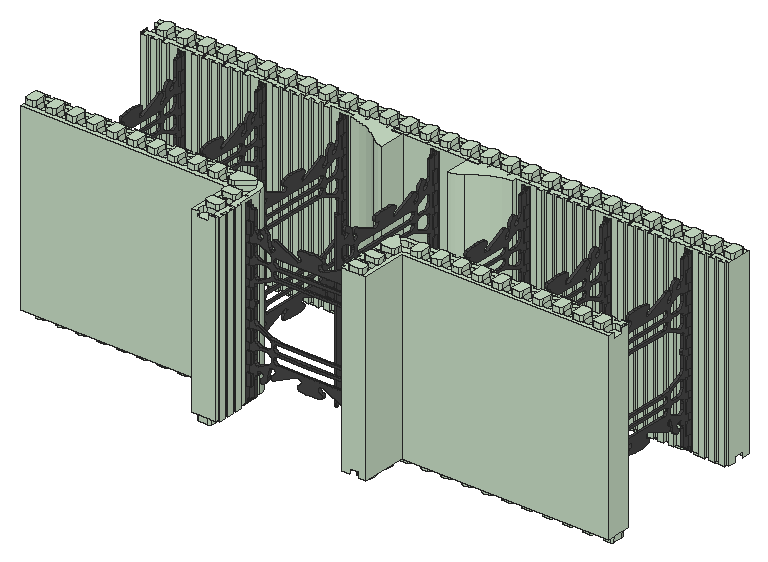
Revit family
Reference planes (in)
  plane 1 "Center (Front/Back)": y = -3
  plane 2: z = 0
  plane 3 "Center (Left/Right)": x = 3
  plane 4: y = 3
  plane 5: y = -9
  plane 6: x = 9
  plane 7: x = -3
  plane 8: z = 18
Forms (in)
  Extrusion 1, solid, material "NUDURA Expanded Polystyrene Foam Insulation"
    sketch origin (0, 0, 0) x (1, 0, 0) y (0, 1, 0)
      loop
        arc (-3.25, -10.49998) -> (-3.61612, -9.6161) -> (-4.5, -9.24998) r 1.25
        line (-4.5, -9.24998) -> (-7.28117, -9.24998) -> (-7.21883, -8.99998) -> (-7.78117, -8.99998) -> (-7.71883, -9.24998) -> (-8.28117, -9.24998) -> (-8.21883, -8.99998) -> (-8.78117, -8.99998) -> (-8.71883, -9.24998) -> (-9.28117, -9.24998) -> (-9.21883, -8.99998) -> (-9.78117, -8.99998) -> (-9.71883, -9.24998) -> (-10.28117, -9.24998) -> (-10.21883, -8.99998) -> (-10.78117, -8.99998) -> (-10.71883, -9.24998) -> (-11.2818, -9.24998) -> (-11.21947, -8.99998) -> (-11.7818, -8.99998) -> (-11.71947, -9.24998) -> (-12.2818, -9.24998) -> (-12.21947, -8.99998) -> (-12.7818, -8.99998) -> (-12.71947, -9.24998) -> (-15.28116, -9.24998) -> (-15.21883, -8.99998) -> (-15.78116, -8.99998) -> (-15.71883, -9.24998) -> (-16.28116, -9.24998) -> (-16.21883, -8.99998) -> (-16.78116, -8.99998) -> (-16.71883, -9.24998) -> (-17.28116, -9.24998) -> (-17.21883, -8.99998) -> (-17.78116, -8.99998) -> (-17.71883, -9.24998) -> (-18.28179, -9.24998) -> (-18.21946, -8.99998) -> (-18.78179, -8.99998) -> (-18.71946, -9.24998) -> (-19.28179, -9.24998) -> (-19.21946, -8.99998) -> (-19.78179, -8.99998) -> (-19.71946, -9.24998) -> (-20.28179, -9.24998) -> (-20.21946, -8.99998) -> (-20.78179, -8.99998) -> (-20.71946, -9.24998) -> (-23.28115, -9.24998) -> (-23.21882, -8.99998) -> (-23.78115, -8.99998) -> (-23.71882, -9.24998) -> (-24.28115, -9.24998) -> (-24.21882, -8.99998) -> (-24.78115, -8.99998) -> (-24.71882, -9.24998) -> (-25.28115, -9.24998) -> (-25.21882, -8.99998) -> (-25.78115, -8.99998) -> (-25.71882, -9.24998) -> (-26, -9.24998) -> (-26, -11.62244) -> (-5.625, -11.62244) -> (-5.625, -15.99744) -> (-3.25, -15.99744) -> (-3.25, -15.71882) -> (-3, -15.78115) -> (-3, -15.21882) -> (-3.25, -15.28115) -> (-3.25, -14.71882) -> (-3, -14.78115) -> (-3, -14.21882) -> (-3.25, -14.28115) -> (-3.25, -13.71882) -> (-3, -13.78115) -> (-3, -13.21882) -> (-3.25, -13.28115) -> (-3.25, -10.49998)
      loop
        line (11, 2.875) -> (11, 3.25) -> (13.28117, 3.25) -> (13.21883, 3) -> (13.78117, 3) -> (13.71883, 3.25) -> (14.28117, 3.25) -> (14.21883, 3) -> (14.78117, 3) -> (14.71883, 3.25) -> (15.28117, 3.25) -> (15.21883, 3) -> (15.78117, 3) -> (15.71883, 3.25) -> (16.28053, 3.25) -> (16.2182, 3) -> (16.78053, 3) -> (16.7182, 3.25) -> (17.28053, 3.25) -> (17.2182, 3) -> (17.78053, 3) -> (17.7182, 3.25) -> (18.28053, 3.25) -> (18.2182, 3) -> (18.78053, 3) -> (18.7182, 3.25) -> (21.28116, 3.25) -> (21.21883, 3) -> (21.78116, 3) -> (21.71883, 3.25) -> (22.28116, 3.25) -> (22.21883, 3) -> (22.78116, 3) -> (22.71883, 3.25) -> (23.28116, 3.25) -> (23.21883, 3) -> (23.78116, 3) -> (23.71883, 3.25) -> (24.28053, 3.25) -> (24.21819, 3) -> (24.78053, 3) -> (24.71819, 3.25) -> (25.28053, 3.25) -> (25.21819, 3) -> (25.78053, 3) -> (25.71819, 3.25) -> (26.28053, 3.25) -> (26.21819, 3) -> (26.78053, 3) -> (26.71819, 3.25) -> (29.28115, 3.25) -> (29.21882, 3) -> (29.78115, 3) -> (29.71882, 3.25) -> (30.28115, 3.25) -> (30.21882, 3) -> (30.78115, 3) -> (30.71882, 3.25) -> (31.28115, 3.25) -> (31.21882, 3) -> (31.78115, 3) -> (31.71882, 3.25) -> (32, 3.25) -> (32, 5.62754) -> (7.25, 5.62754) -> (7.25, 5.17633) -> (7, 5.24332) -> (7, 4.63633) -> (7.25, 4.69867) -> (7.25, 4.17633) -> (7, 4.24332) -> (7, 3.63633) -> (7.25, 3.69867) -> (7.25, 3.25) -> (6.21883, 3.25) -> (6.21883, 0.75162)
        arc (6.21883, 0.75162) -> (6.91296, 0.90605) -> (7.50918, 1.29358) r 2
        arc (7.50918, 1.29358) -> (9.12304, 2.37468) -> (11, 2.875) r 5.91797
      loop
        line (-0.21883, 0.75162) -> (-0.21883, 3.25) -> (-1.25, 3.25) -> (-1.25, 3.69867) -> (-1, 3.63633) -> (-1, 4.24332) -> (-1.25, 4.17633) -> (-1.25, 4.69867) -> (-1, 4.63633) -> (-1, 5.24332) -> (-1.25, 5.17633) -> (-1.25, 5.62754) -> (-26, 5.62754) -> (-26, 3.25) -> (-25.71882, 3.25) -> (-25.78115, 3) -> (-25.21882, 3) -> (-25.28115, 3.25) -> (-24.71882, 3.25) -> (-24.78115, 3) -> (-24.21882, 3) -> (-24.28115, 3.25) -> (-23.71882, 3.25) -> (-23.78115, 3) -> (-23.21882, 3) -> (-23.28115, 3.25) -> (-20.71819, 3.25) -> (-20.78053, 3) -> (-20.21819, 3) -> (-20.28053, 3.25) -> (-19.71819, 3.25) -> (-19.78053, 3) -> (-19.21819, 3) -> (-19.28053, 3.25) -> (-18.71819, 3.25) -> (-18.78053, 3) -> (-18.21819, 3) -> (-18.28053, 3.25) -> (-17.71883, 3.25) -> (-17.78116, 3) -> (-17.21883, 3) -> (-17.28116, 3.25) -> (-16.71883, 3.25) -> (-16.78116, 3) -> (-16.21883, 3) -> (-16.28116, 3.25) -> (-15.71883, 3.25) -> (-15.78116, 3) -> (-15.21883, 3) -> (-15.28116, 3.25) -> (-12.7182, 3.25) -> (-12.78053, 3) -> (-12.2182, 3) -> (-12.28053, 3.25) -> (-11.7182, 3.25) -> (-11.78053, 3) -> (-11.2182, 3) -> (-11.28053, 3.25) -> (-10.7182, 3.25) -> (-10.78053, 3) -> (-10.2182, 3) -> (-10.28053, 3.25) -> (-9.71883, 3.25) -> (-9.78117, 3) -> (-9.21883, 3) -> (-9.28117, 3.25) -> (-8.71883, 3.25) -> (-8.78117, 3) -> (-8.21883, 3) -> (-8.28117, 3.25) -> (-7.71883, 3.25) -> (-7.78117, 3) -> (-7.21883, 3) -> (-7.28117, 3.25) -> (-5, 3.25) -> (-5, 2.875)
        arc (-5, 2.875) -> (-3.12304, 2.37468) -> (-1.50918, 1.29358) r 5.91797
        arc (-1.50918, 1.29358) -> (-0.91296, 0.90605) -> (-0.21883, 0.75162) r 2
      loop
        line (9.25, -10.49998) -> (9.25, -13.28115) -> (9, -13.21882) -> (9, -13.78115) -> (9.25, -13.71882) -> (9.25, -14.28115) -> (9, -14.21882) -> (9, -14.78115) -> (9.25, -14.71882) -> (9.25, -15.28115) -> (9, -15.21882) -> (9, -15.78115) -> (9.25, -15.71882) -> (9.25, -15.99998) -> (11.625, -15.99998) -> (11.625, -11.62244) -> (32, -11.62244) -> (32, -9.24998) -> (31.71882, -9.24998) -> (31.78115, -8.99998) -> (31.21882, -8.99998) -> (31.28115, -9.24998) -> (30.71882, -9.24998) -> (30.78115, -8.99998) -> (30.21882, -8.99998) -> (30.28115, -9.24998) -> (29.71882, -9.24998) -> (29.78115, -8.99998) -> (29.21882, -8.99998) -> (29.28115, -9.24998) -> (26.71946, -9.24998) -> (26.78179, -8.99998) -> (26.21946, -8.99998) -> (26.28179, -9.24998) -> (25.71946, -9.24998) -> (25.78179, -8.99998) -> (25.21946, -8.99998) -> (25.28179, -9.24998) -> (24.71946, -9.24998) -> (24.78179, -8.99998) -> (24.21946, -8.99998) -> (24.28179, -9.24998) -> (23.71883, -9.24998) -> (23.78116, -8.99998) -> (23.21883, -8.99998) -> (23.28116, -9.24998) -> (22.71883, -9.24998) -> (22.78116, -8.99998) -> (22.21883, -8.99998) -> (22.28116, -9.24998) -> (21.71883, -9.24998) -> (21.78116, -8.99998) -> (21.21883, -8.99998) -> (21.28116, -9.24998) -> (18.71947, -9.24998) -> (18.7818, -8.99998) -> (18.21947, -8.99998) -> (18.2818, -9.24998) -> (17.71947, -9.24998) -> (17.7818, -8.99998) -> (17.21947, -8.99998) -> (17.2818, -9.24998) -> (16.71947, -9.24998) -> (16.7818, -8.99998) -> (16.21947, -8.99998) -> (16.2818, -9.24998) -> (15.71883, -9.24998) -> (15.78117, -8.99998) -> (15.21883, -8.99998) -> (15.28117, -9.24998) -> (14.71883, -9.24998) -> (14.78117, -8.99998) -> (14.21883, -8.99998) -> (14.28117, -9.24998) -> (13.71883, -9.24998) -> (13.78117, -8.99998) -> (13.21883, -8.99998) -> (13.28117, -9.24998) -> (10.5, -9.24998)
        arc (10.5, -9.24998) -> (9.61612, -9.6161) -> (9.25, -10.49998) r 1.25
    from 0 to 18
  Extrusion 2, void
    sketch origin (0, 10, 0) x (1, 0, 0) y (0, 1, 0)
      loop
        arc (-5.13595, -25.17306) -> (-5.1875, -25.49998) -> (-5.13595, -25.8269) r 1.0625
        arc (-5.13595, -25.8269) -> (-5.0592, -25.94114) -> (-4.93362, -25.99744) r 0.25
        line (-4.93362, -25.99744) -> (-3.94138, -25.99744)
        arc (-3.94138, -25.99744) -> (-3.86932, -25.97564) -> (-3.80702, -25.93338) r 0.25
        arc (-3.80702, -25.93338) -> (-3.78736, -25.92104) -> (-3.76455, -25.91673) r 0.0625
        line (-3.76455, -25.91673) -> (-3.41845, -25.91673) -> (-3.41845, -25.7459) -> (-3.64005, -25.7459)
        arc (-3.64005, -25.7459) -> (-3.68771, -25.72383) -> (-3.70172, -25.67321) r 0.0625
        arc (-3.70172, -25.67321) -> (-3.69045, -25.4209) -> (-3.73905, -25.17306) r 1.0625
        arc (-3.73905, -25.17306) -> (-3.82983, -25.04783) -> (-3.97692, -24.99998) r 0.25
        line (-3.97692, -24.99998) -> (-4.89808, -24.99998)
        arc (-4.89808, -24.99998) -> (-5.04517, -25.04783) -> (-5.13595, -25.17306) r 0.25
    from 18 to 17.5
  Extrusion 3, void
    sketch origin (0, 12, 0) x (1, 0, 0) y (0, 1, 0)
      loop
        arc (-5.13595, -25.17306) -> (-5.1875, -25.49998) -> (-5.13595, -25.8269) r 1.0625
        arc (-5.13595, -25.8269) -> (-5.04517, -25.95213) -> (-4.89808, -25.99998) r 0.25
        line (-4.89808, -25.99998) -> (-3.97692, -25.99998)
        arc (-3.97692, -25.99998) -> (-3.88568, -25.98274) -> (-3.80702, -25.93338) r 0.25
        arc (-3.80702, -25.93338) -> (-3.78736, -25.92104) -> (-3.76455, -25.91673) r 0.0625
        line (-3.76455, -25.91673) -> (-3.41845, -25.91673) -> (-3.41845, -25.7459) -> (-3.64005, -25.7459)
        arc (-3.64005, -25.7459) -> (-3.68771, -25.72383) -> (-3.70172, -25.67321) r 0.0625
        arc (-3.70172, -25.67321) -> (-3.69045, -25.4209) -> (-3.73905, -25.17306) r 1.0625
        arc (-3.73905, -25.17306) -> (-3.82983, -25.04783) -> (-3.97692, -24.99998) r 0.25
        line (-3.97692, -24.99998) -> (-4.89808, -24.99998)
        arc (-4.89808, -24.99998) -> (-5.04517, -25.04783) -> (-5.13595, -25.17306) r 0.25
    from 18 to 17.5
  Extrusion 4, void
    sketch origin (0, -6, 0) x (1, 0, 0) y (0, 1, 0)
      loop
        line (-5.1875, -5.18748) -> (-5.1875, -5.49998)
        arc (-5.1875, -5.49998) -> (-5.17453, -5.66546) -> (-5.13595, -5.8269) r 1.0625
        arc (-5.13595, -5.8269) -> (-5.04517, -5.95213) -> (-4.89808, -5.99998) r 0.25
        line (-4.89808, -5.99998) -> (-3.97692, -5.99998)
        arc (-3.97692, -5.99998) -> (-3.88568, -5.98274) -> (-3.80702, -5.93338) r 0.25
        arc (-3.80702, -5.93338) -> (-3.78736, -5.92104) -> (-3.76455, -5.91673) r 0.0625
        line (-3.76455, -5.91673) -> (-3.41845, -5.91673) -> (-3.41845, -5.7459) -> (-3.64005, -5.7459)
        arc (-3.64005, -5.7459) -> (-3.68771, -5.72383) -> (-3.70172, -5.67321) r 0.0625
        arc (-3.70172, -5.67321) -> (-3.69106, -5.58689) -> (-3.6875, -5.49998) r 1.0625
        line (-3.6875, -5.49998) -> (-3.6875, -4.68748)
        arc (-3.6875, -4.68748) -> (-3.76362, -4.3048) -> (-3.98039, -3.98037) r 1
        line (-3.98039, -3.98037) -> (-5.1875, -5.18748)
    from 18 to 17.5
  Extrusion 5, void
    sketch origin (-31.99998, -5.99998, 0) x (0, 1, 0) y (-1, 0, 0)
      loop
        arc (-5.13595, -25.17306) -> (-5.1875, -25.49998) -> (-5.13595, -25.8269) r 1.0625
        arc (-5.13595, -25.8269) -> (-5.04517, -25.95213) -> (-4.89808, -25.99998) r 0.25
        line (-4.89808, -25.99998) -> (-3.97692, -25.99998)
        arc (-3.97692, -25.99998) -> (-3.88568, -25.98274) -> (-3.80702, -25.93338) r 0.25
        arc (-3.80702, -25.93338) -> (-3.78736, -25.92104) -> (-3.76455, -25.91673) r 0.0625
        line (-3.76455, -25.91673) -> (-3.41845, -25.91673) -> (-3.41845, -25.7459) -> (-3.64005, -25.7459)
        arc (-3.64005, -25.7459) -> (-3.68771, -25.72383) -> (-3.70172, -25.67321) r 0.0625
        arc (-3.70172, -25.67321) -> (-3.69045, -25.4209) -> (-3.73905, -25.17306) r 1.0625
        arc (-3.73905, -25.17306) -> (-3.82983, -25.04783) -> (-3.97692, -24.99998) r 0.25
        line (-3.97692, -24.99998) -> (-4.89808, -24.99998)
        arc (-4.89808, -24.99998) -> (-5.04517, -25.04783) -> (-5.13595, -25.17306) r 0.25
    from 18 to 17.5
  Extrusion 6, void
    sketch origin (-33.99998, -5.99998, 0) x (0, 1, 0) y (-1, 0, 0)
      loop
        arc (-5.13595, -25.17306) -> (-5.1875, -25.49998) -> (-5.13595, -25.8269) r 1.0625
        arc (-5.13595, -25.8269) -> (-5.04517, -25.95213) -> (-4.89808, -25.99998) r 0.25
        line (-4.89808, -25.99998) -> (-3.97692, -25.99998)
        arc (-3.97692, -25.99998) -> (-3.88568, -25.98274) -> (-3.80702, -25.93338) r 0.25
        arc (-3.80702, -25.93338) -> (-3.78736, -25.92104) -> (-3.76455, -25.91673) r 0.0625
        line (-3.76455, -25.91673) -> (-3.41845, -25.91673) -> (-3.41845, -25.7459) -> (-3.64005, -25.7459)
        arc (-3.64005, -25.7459) -> (-3.68771, -25.72383) -> (-3.70172, -25.67321) r 0.0625
        arc (-3.70172, -25.67321) -> (-3.69045, -25.4209) -> (-3.73905, -25.17306) r 1.0625
        arc (-3.73905, -25.17306) -> (-3.82983, -25.04783) -> (-3.97692, -24.99998) r 0.25
        line (-3.97692, -24.99998) -> (-4.89808, -24.99998)
        arc (-4.89808, -24.99998) -> (-5.04517, -25.04783) -> (-5.13595, -25.17306) r 0.25
    from 18 to 17.5
  Extrusion 7, void
    sketch origin (0, -39.99996, 0) x (1, 0, 0) y (0, 1, 0)
      loop
        arc (-5.13595, 25.17306) -> (-5.04517, 25.04783) -> (-4.89808, 24.99998) r 0.25
        line (-4.89808, 24.99998) -> (-3.97692, 24.99998)
        arc (-3.97692, 24.99998) -> (-3.82983, 25.04783) -> (-3.73905, 25.17306) r 0.25
        arc (-3.73905, 25.17306) -> (-3.69045, 25.4209) -> (-3.70172, 25.67321) r 1.0625
        arc (-3.70172, 25.67321) -> (-3.68771, 25.72383) -> (-3.64005, 25.7459) r 0.0625
        line (-3.64005, 25.7459) -> (-3.41845, 25.7459) -> (-3.41845, 25.91673) -> (-3.76455, 25.91673)
        arc (-3.76455, 25.91673) -> (-3.78736, 25.92104) -> (-3.80702, 25.93338) r 0.0625
        arc (-3.80702, 25.93338) -> (-3.88568, 25.98274) -> (-3.97692, 25.99998) r 0.25
        line (-3.97692, 25.99998) -> (-4.89808, 25.99998)
        arc (-4.89808, 25.99998) -> (-5.04517, 25.95213) -> (-5.13595, 25.8269) r 0.25
        arc (-5.13595, 25.8269) -> (-5.1875, 25.49998) -> (-5.13595, 25.17306) r 1.0625
    from 0 to 0.5
  Extrusion 8, void
    sketch origin (0, -37.99996, 0) x (1, 0, 0) y (0, 1, 0)
      loop
        arc (-5.13595, 25.17306) -> (-5.04517, 25.04783) -> (-4.89808, 24.99998) r 0.25
        line (-4.89808, 24.99998) -> (-3.97692, 24.99998)
        arc (-3.97692, 24.99998) -> (-3.82983, 25.04783) -> (-3.73905, 25.17306) r 0.25
        arc (-3.73905, 25.17306) -> (-3.69045, 25.4209) -> (-3.70172, 25.67321) r 1.0625
        arc (-3.70172, 25.67321) -> (-3.68771, 25.72383) -> (-3.64005, 25.7459) r 0.0625
        line (-3.64005, 25.7459) -> (-3.41845, 25.7459) -> (-3.41845, 25.91673) -> (-3.76455, 25.91673)
        arc (-3.76455, 25.91673) -> (-3.78736, 25.92104) -> (-3.80702, 25.93338) r 0.0625
        arc (-3.80702, 25.93338) -> (-3.88568, 25.98274) -> (-3.97692, 25.99998) r 0.25
        line (-3.97692, 25.99998) -> (-4.89808, 25.99998)
        arc (-4.89808, 25.99998) -> (-5.04517, 25.95213) -> (-5.13595, 25.8269) r 0.25
        arc (-5.13595, 25.8269) -> (-5.1875, 25.49998) -> (-5.13595, 25.17306) r 1.0625
    from 0 to 0.5
  Extrusion 9, void
    sketch origin (-0.00002, -5.99998, 0) x (0, 1, 0) y (-1, 0, 0)
      loop
        line (-5.1875, 5.18748) -> (-3.98039, 3.98037)
        arc (-3.98039, 3.98037) -> (-3.76362, 4.3048) -> (-3.6875, 4.68748) r 1
        line (-3.6875, 4.68748) -> (-3.6875, 5.49998)
        arc (-3.6875, 5.49998) -> (-3.69106, 5.58689) -> (-3.70172, 5.67321) r 1.0625
        arc (-3.70172, 5.67321) -> (-3.68771, 5.72383) -> (-3.64005, 5.7459) r 0.0625
        line (-3.64005, 5.7459) -> (-3.41845, 5.7459) -> (-3.41845, 5.91673) -> (-3.76455, 5.91673)
        arc (-3.76455, 5.91673) -> (-3.78736, 5.92104) -> (-3.80702, 5.93338) r 0.0625
        arc (-3.80702, 5.93338) -> (-3.88568, 5.98274) -> (-3.97692, 5.99998) r 0.25
        line (-3.97692, 5.99998) -> (-4.89808, 5.99998)
        arc (-4.89808, 5.99998) -> (-5.04517, 5.95213) -> (-5.13595, 5.8269) r 0.25
        arc (-5.13595, 5.8269) -> (-5.17453, 5.66546) -> (-5.1875, 5.49998) r 1.0625
        line (-5.1875, 5.49998) -> (-5.1875, 5.18748)
    from 0 to 0.5
  Extrusion 10, void
    sketch origin (17.99998, -5.99998, 0) x (0, 1, 0) y (-1, 0, 0)
      loop
        arc (-5.13595, 25.17306) -> (-5.04517, 25.04783) -> (-4.89808, 24.99998) r 0.25
        line (-4.89808, 24.99998) -> (-3.97692, 24.99998)
        arc (-3.97692, 24.99998) -> (-3.82983, 25.04783) -> (-3.73905, 25.17306) r 0.25
        arc (-3.73905, 25.17306) -> (-3.69045, 25.4209) -> (-3.70172, 25.67321) r 1.0625
        arc (-3.70172, 25.67321) -> (-3.68771, 25.72383) -> (-3.64005, 25.7459) r 0.0625
        line (-3.64005, 25.7459) -> (-3.41845, 25.7459) -> (-3.41845, 25.91673) -> (-3.76455, 25.91673)
        arc (-3.76455, 25.91673) -> (-3.78736, 25.92104) -> (-3.80702, 25.93338) r 0.0625
        arc (-3.80702, 25.93338) -> (-3.88568, 25.98274) -> (-3.97692, 25.99998) r 0.25
        line (-3.97692, 25.99998) -> (-4.89808, 25.99998)
        arc (-4.89808, 25.99998) -> (-5.04517, 25.95213) -> (-5.13595, 25.8269) r 0.25
        arc (-5.13595, 25.8269) -> (-5.1875, 25.49998) -> (-5.13595, 25.17306) r 1.0625
    from 0 to 0.5
  Extrusion 11, void
    sketch origin (15.99998, -5.99998, 0) x (0, 1, 0) y (-1, 0, 0)
      loop
        arc (-5.13595, 25.17306) -> (-5.04517, 25.04783) -> (-4.89808, 24.99998) r 0.25
        line (-4.89808, 24.99998) -> (-3.97692, 24.99998)
        arc (-3.97692, 24.99998) -> (-3.82983, 25.04783) -> (-3.73905, 25.17306) r 0.25
        arc (-3.73905, 25.17306) -> (-3.69045, 25.4209) -> (-3.70172, 25.67321) r 1.0625
        arc (-3.70172, 25.67321) -> (-3.68771, 25.72383) -> (-3.64005, 25.7459) r 0.0625
        line (-3.64005, 25.7459) -> (-3.41845, 25.7459) -> (-3.41845, 25.91673) -> (-3.76455, 25.91673)
        arc (-3.76455, 25.91673) -> (-3.78736, 25.92104) -> (-3.80702, 25.93338) r 0.0625
        arc (-3.80702, 25.93338) -> (-3.88568, 25.98274) -> (-3.97692, 25.99998) r 0.25
        line (-3.97692, 25.99998) -> (-4.89808, 25.99998)
        arc (-4.89808, 25.99998) -> (-5.04517, 25.95213) -> (-5.13595, 25.8269) r 0.25
        arc (-5.13595, 25.8269) -> (-5.1875, 25.49998) -> (-5.13595, 25.17306) r 1.0625
    from 0 to 0.5
  Extrusion 12, void
    sketch origin (6, -39.99996, 0) x (-1, 0, 0) y (0, -1, 0)
      loop
        arc (-5.13595, -25.17306) -> (-5.1875, -25.49998) -> (-5.13595, -25.8269) r 1.0625
        arc (-5.13595, -25.8269) -> (-5.04517, -25.95213) -> (-4.89808, -25.99998) r 0.25
        line (-4.89808, -25.99998) -> (-3.97692, -25.99998)
        arc (-3.97692, -25.99998) -> (-3.88568, -25.98274) -> (-3.80702, -25.93338) r 0.25
        arc (-3.80702, -25.93338) -> (-3.78736, -25.92104) -> (-3.76455, -25.91673) r 0.0625
        line (-3.76455, -25.91673) -> (-3.41845, -25.91673) -> (-3.41845, -25.7459) -> (-3.64005, -25.7459)
        arc (-3.64005, -25.7459) -> (-3.68771, -25.72383) -> (-3.70172, -25.67321) r 0.0625
        arc (-3.70172, -25.67321) -> (-3.69045, -25.4209) -> (-3.73905, -25.17306) r 1.0625
        arc (-3.73905, -25.17306) -> (-3.82983, -25.04783) -> (-3.97692, -24.99998) r 0.25
        line (-3.97692, -24.99998) -> (-4.89808, -24.99998)
        arc (-4.89808, -24.99998) -> (-5.04517, -25.04783) -> (-5.13595, -25.17306) r 0.25
    from 18 to 17.5
  Extrusion 13, void
    sketch origin (6, -37.99996, 0) x (-1, 0, 0) y (0, -1, 0)
      loop
        arc (-5.13595, -25.17306) -> (-5.1875, -25.49998) -> (-5.13595, -25.8269) r 1.0625
        arc (-5.13595, -25.8269) -> (-5.04517, -25.95213) -> (-4.89808, -25.99998) r 0.25
        line (-4.89808, -25.99998) -> (-3.97692, -25.99998)
        arc (-3.97692, -25.99998) -> (-3.88568, -25.98274) -> (-3.80702, -25.93338) r 0.25
        arc (-3.80702, -25.93338) -> (-3.78736, -25.92104) -> (-3.76455, -25.91673) r 0.0625
        line (-3.76455, -25.91673) -> (-3.41845, -25.91673) -> (-3.41845, -25.7459) -> (-3.64005, -25.7459)
        arc (-3.64005, -25.7459) -> (-3.68771, -25.72383) -> (-3.70172, -25.67321) r 0.0625
        arc (-3.70172, -25.67321) -> (-3.69045, -25.4209) -> (-3.73905, -25.17306) r 1.0625
        arc (-3.73905, -25.17306) -> (-3.82983, -25.04783) -> (-3.97692, -24.99998) r 0.25
        line (-3.97692, -24.99998) -> (-4.89808, -24.99998)
        arc (-4.89808, -24.99998) -> (-5.04517, -25.04783) -> (-5.13595, -25.17306) r 0.25
    from 18 to 17.5
  Extrusion 14, void
    sketch origin (-11.99998, -5.99998, 0) x (0, 1, 0) y (-1, 0, 0)
      loop
        arc (-5.13595, -25.17306) -> (-5.1875, -25.49998) -> (-5.13595, -25.8269) r 1.0625
        arc (-5.13595, -25.8269) -> (-5.04517, -25.95213) -> (-4.89808, -25.99998) r 0.25
        line (-4.89808, -25.99998) -> (-3.97692, -25.99998)
        arc (-3.97692, -25.99998) -> (-3.88568, -25.98274) -> (-3.80702, -25.93338) r 0.25
        arc (-3.80702, -25.93338) -> (-3.78736, -25.92104) -> (-3.76455, -25.91673) r 0.0625
        line (-3.76455, -25.91673) -> (-3.41845, -25.91673) -> (-3.41845, -25.7459) -> (-3.64005, -25.7459)
        arc (-3.64005, -25.7459) -> (-3.68771, -25.72383) -> (-3.70172, -25.67321) r 0.0625
        arc (-3.70172, -25.67321) -> (-3.69045, -25.4209) -> (-3.73905, -25.17306) r 1.0625
        arc (-3.73905, -25.17306) -> (-3.82983, -25.04783) -> (-3.97692, -24.99998) r 0.25
        line (-3.97692, -24.99998) -> (-4.89808, -24.99998)
        arc (-4.89808, -24.99998) -> (-5.04517, -25.04783) -> (-5.13595, -25.17306) r 0.25
    from 18 to 17.5
  Extrusion 15, void
    sketch origin (-9.99998, -5.99998, 0) x (0, 1, 0) y (-1, 0, 0)
      loop
        arc (-5.13595, -25.17306) -> (-5.1875, -25.49998) -> (-5.13595, -25.8269) r 1.0625
        arc (-5.13595, -25.8269) -> (-5.04517, -25.95213) -> (-4.89808, -25.99998) r 0.25
        line (-4.89808, -25.99998) -> (-3.97692, -25.99998)
        arc (-3.97692, -25.99998) -> (-3.88568, -25.98274) -> (-3.80702, -25.93338) r 0.25
        arc (-3.80702, -25.93338) -> (-3.78736, -25.92104) -> (-3.76455, -25.91673) r 0.0625
        line (-3.76455, -25.91673) -> (-3.41845, -25.91673) -> (-3.41845, -25.7459) -> (-3.64005, -25.7459)
        arc (-3.64005, -25.7459) -> (-3.68771, -25.72383) -> (-3.70172, -25.67321) r 0.0625
        arc (-3.70172, -25.67321) -> (-3.69045, -25.4209) -> (-3.73905, -25.17306) r 1.0625
        arc (-3.73905, -25.17306) -> (-3.82983, -25.04783) -> (-3.97692, -24.99998) r 0.25
        line (-3.97692, -24.99998) -> (-4.89808, -24.99998)
        arc (-4.89808, -24.99998) -> (-5.04517, -25.04783) -> (-5.13595, -25.17306) r 0.25
    from 18 to 17.5
  Extrusion 16, void
    sketch origin (6, -6, 0) x (1, 0, 0) y (0, 1, 0)
      loop
        arc (5.67323, -3.7017) -> (5.58691, -3.69104) -> (5.5, -3.68748) r 1.0625
        line (5.5, -3.68748) -> (4.6875, -3.68748)
        arc (4.6875, -3.68748) -> (4.30482, -3.7636) -> (3.98039, -3.98037) r 1
        line (3.98039, -3.98037) -> (5.1875, -5.18748) -> (5.5, -5.18748)
        arc (5.5, -5.18748) -> (5.66548, -5.17452) -> (5.82692, -5.13593) r 1.0625
        arc (5.82692, -5.13593) -> (5.95215, -5.04515) -> (6, -4.89806) r 0.25
        line (6, -4.89806) -> (6, -3.9769)
        arc (6, -3.9769) -> (5.98276, -3.88566) -> (5.9334, -3.807) r 0.25
        arc (5.9334, -3.807) -> (5.92106, -3.78734) -> (5.91675, -3.76453) r 0.0625
        line (5.91675, -3.76453) -> (5.91675, -3.41844) -> (5.74592, -3.41844) -> (5.74592, -3.64003)
        arc (5.74592, -3.64003) -> (5.72385, -3.68769) -> (5.67323, -3.7017) r 0.0625
    from 18 to 17.5
  Extrusion 17, void
    sketch origin (6, 10, 0) x (-1, 0, 0) y (0, -1, 0)
      loop
        arc (-5.13595, 25.17306) -> (-5.04517, 25.04783) -> (-4.89808, 24.99998) r 0.25
        line (-4.89808, 24.99998) -> (-3.97692, 24.99998)
        arc (-3.97692, 24.99998) -> (-3.82983, 25.04783) -> (-3.73905, 25.17306) r 0.25
        arc (-3.73905, 25.17306) -> (-3.69045, 25.4209) -> (-3.70172, 25.67321) r 1.0625
        arc (-3.70172, 25.67321) -> (-3.68771, 25.72383) -> (-3.64005, 25.7459) r 0.0625
        line (-3.64005, 25.7459) -> (-3.41845, 25.7459) -> (-3.41845, 25.91673) -> (-3.76455, 25.91673)
        arc (-3.76455, 25.91673) -> (-3.78736, 25.92104) -> (-3.80702, 25.93338) r 0.0625
        arc (-3.80702, 25.93338) -> (-3.88568, 25.98274) -> (-3.97692, 25.99998) r 0.25
        line (-3.97692, 25.99998) -> (-4.89808, 25.99998)
        arc (-4.89808, 25.99998) -> (-5.04517, 25.95213) -> (-5.13595, 25.8269) r 0.25
        arc (-5.13595, 25.8269) -> (-5.1875, 25.49998) -> (-5.13595, 25.17306) r 1.0625
    from 0 to 0.5
  Extrusion 18, void
    sketch origin (6, 12, 0) x (-1, 0, 0) y (0, -1, 0)
      loop
        arc (-5.13595, 25.17306) -> (-5.04517, 25.04783) -> (-4.89808, 24.99998) r 0.25
        line (-4.89808, 24.99998) -> (-3.97692, 24.99998)
        arc (-3.97692, 24.99998) -> (-3.82983, 25.04783) -> (-3.73905, 25.17306) r 0.25
        arc (-3.73905, 25.17306) -> (-3.69045, 25.4209) -> (-3.70172, 25.67321) r 1.0625
        arc (-3.70172, 25.67321) -> (-3.68771, 25.72383) -> (-3.64005, 25.7459) r 0.0625
        line (-3.64005, 25.7459) -> (-3.41845, 25.7459) -> (-3.41845, 25.91673) -> (-3.76455, 25.91673)
        arc (-3.76455, 25.91673) -> (-3.78736, 25.92104) -> (-3.80702, 25.93338) r 0.0625
        arc (-3.80702, 25.93338) -> (-3.88568, 25.98274) -> (-3.97692, 25.99998) r 0.25
        line (-3.97692, 25.99998) -> (-4.89808, 25.99998)
        arc (-4.89808, 25.99998) -> (-5.04517, 25.95213) -> (-5.13595, 25.8269) r 0.25
        arc (-5.13595, 25.8269) -> (-5.1875, 25.49998) -> (-5.13595, 25.17306) r 1.0625
    from 0 to 0.5
  Extrusion 19, void
    sketch origin (6.00002, -5.99998, 0) x (0, -1, 0) y (1, 0, 0)
      loop
        arc (5.67323, 3.7017) -> (5.72385, 3.68769) -> (5.74592, 3.64003) r 0.0625
        line (5.74592, 3.64003) -> (5.74592, 3.41844) -> (5.91675, 3.41844) -> (5.91675, 3.76453)
        arc (5.91675, 3.76453) -> (5.92106, 3.78734) -> (5.9334, 3.807) r 0.0625
        arc (5.9334, 3.807) -> (5.98276, 3.88566) -> (6, 3.9769) r 0.25
        line (6, 3.9769) -> (6, 4.89806)
        arc (6, 4.89806) -> (5.95215, 5.04515) -> (5.82692, 5.13593) r 0.25
        arc (5.82692, 5.13593) -> (5.66548, 5.17452) -> (5.5, 5.18748) r 1.0625
        line (5.5, 5.18748) -> (5.1875, 5.18748) -> (3.98039, 3.98037)
        arc (3.98039, 3.98037) -> (4.30482, 3.7636) -> (4.6875, 3.68748) r 1
        line (4.6875, 3.68748) -> (5.5, 3.68748)
        arc (5.5, 3.68748) -> (5.58691, 3.69104) -> (5.67323, 3.7017) r 1.0625
    from 0 to 0.5
  Extrusion 20, void
    sketch origin (37.99998, -5.99998, 0) x (0, 1, 0) y (-1, 0, 0)
      loop
        arc (-5.13595, 25.17306) -> (-5.04517, 25.04783) -> (-4.89808, 24.99998) r 0.25
        line (-4.89808, 24.99998) -> (-3.97692, 24.99998)
        arc (-3.97692, 24.99998) -> (-3.82983, 25.04783) -> (-3.73905, 25.17306) r 0.25
        arc (-3.73905, 25.17306) -> (-3.69045, 25.4209) -> (-3.70172, 25.67321) r 1.0625
        arc (-3.70172, 25.67321) -> (-3.68771, 25.72383) -> (-3.64005, 25.7459) r 0.0625
        line (-3.64005, 25.7459) -> (-3.41845, 25.7459) -> (-3.41845, 25.91673) -> (-3.76455, 25.91673)
        arc (-3.76455, 25.91673) -> (-3.78736, 25.92104) -> (-3.80702, 25.93338) r 0.0625
        arc (-3.80702, 25.93338) -> (-3.88568, 25.98274) -> (-3.97692, 25.99998) r 0.25
        line (-3.97692, 25.99998) -> (-4.89808, 25.99998)
        arc (-4.89808, 25.99998) -> (-5.04517, 25.95213) -> (-5.13595, 25.8269) r 0.25
        arc (-5.13595, 25.8269) -> (-5.1875, 25.49998) -> (-5.13595, 25.17306) r 1.0625
    from 0 to 0.5
  Extrusion 21, void
    sketch origin (39.99998, -5.99998, 0) x (0, 1, 0) y (-1, 0, 0)
      loop
        arc (-5.13595, 25.17306) -> (-5.04517, 25.04783) -> (-4.89808, 24.99998) r 0.25
        line (-4.89808, 24.99998) -> (-3.97692, 24.99998)
        arc (-3.97692, 24.99998) -> (-3.82983, 25.04783) -> (-3.73905, 25.17306) r 0.25
        arc (-3.73905, 25.17306) -> (-3.69045, 25.4209) -> (-3.70172, 25.67321) r 1.0625
        arc (-3.70172, 25.67321) -> (-3.68771, 25.72383) -> (-3.64005, 25.7459) r 0.0625
        line (-3.64005, 25.7459) -> (-3.41845, 25.7459) -> (-3.41845, 25.91673) -> (-3.76455, 25.91673)
        arc (-3.76455, 25.91673) -> (-3.78736, 25.92104) -> (-3.80702, 25.93338) r 0.0625
        arc (-3.80702, 25.93338) -> (-3.88568, 25.98274) -> (-3.97692, 25.99998) r 0.25
        line (-3.97692, 25.99998) -> (-4.89808, 25.99998)
        arc (-4.89808, 25.99998) -> (-5.04517, 25.95213) -> (-5.13595, 25.8269) r 0.25
        arc (-5.13595, 25.8269) -> (-5.1875, 25.49998) -> (-5.13595, 25.17306) r 1.0625
    from 0 to 0.5
  Extrusion 22, void
    sketch origin (15.99998, -0.00002, 0) x (0, -1, 0) y (1, 0, 0)
      loop
        arc (-5.13595, -25.17306) -> (-5.1875, -25.49998) -> (-5.13595, -25.8269) r 1.0625
        arc (-5.13595, -25.8269) -> (-5.04517, -25.95213) -> (-4.89808, -25.99998) r 0.25
        line (-4.89808, -25.99998) -> (-3.97692, -25.99998)
        arc (-3.97692, -25.99998) -> (-3.88568, -25.98274) -> (-3.80702, -25.93338) r 0.25
        arc (-3.80702, -25.93338) -> (-3.78736, -25.92104) -> (-3.76455, -25.91673) r 0.0625
        line (-3.76455, -25.91673) -> (-3.41845, -25.91673) -> (-3.41845, -25.7459) -> (-3.64005, -25.7459)
        arc (-3.64005, -25.7459) -> (-3.68771, -25.72383) -> (-3.70172, -25.67321) r 0.0625
        arc (-3.70172, -25.67321) -> (-3.69045, -25.4209) -> (-3.73905, -25.17306) r 1.0625
        arc (-3.73905, -25.17306) -> (-3.82983, -25.04783) -> (-3.97692, -24.99998) r 0.25
        line (-3.97692, -24.99998) -> (-4.89808, -24.99998)
        arc (-4.89808, -24.99998) -> (-5.04517, -25.04783) -> (-5.13595, -25.17306) r 0.25
    from 18 to 17.5
  Extrusion 23, void
    sketch origin (17.99998, -0.00002, 0) x (0, -1, 0) y (1, 0, 0)
      loop
        arc (-5.13595, -25.17306) -> (-5.1875, -25.49998) -> (-5.13595, -25.8269) r 1.0625
        arc (-5.13595, -25.8269) -> (-5.04517, -25.95213) -> (-4.89808, -25.99998) r 0.25
        line (-4.89808, -25.99998) -> (-3.97692, -25.99998)
        arc (-3.97692, -25.99998) -> (-3.88568, -25.98274) -> (-3.80702, -25.93338) r 0.25
        arc (-3.80702, -25.93338) -> (-3.78736, -25.92104) -> (-3.76455, -25.91673) r 0.0625
        line (-3.76455, -25.91673) -> (-3.41845, -25.91673) -> (-3.41845, -25.7459) -> (-3.64005, -25.7459)
        arc (-3.64005, -25.7459) -> (-3.68771, -25.72383) -> (-3.70172, -25.67321) r 0.0625
        arc (-3.70172, -25.67321) -> (-3.69045, -25.4209) -> (-3.73905, -25.17306) r 1.0625
        arc (-3.73905, -25.17306) -> (-3.82983, -25.04783) -> (-3.97692, -24.99998) r 0.25
        line (-3.97692, -24.99998) -> (-4.89808, -24.99998)
        arc (-4.89808, -24.99998) -> (-5.04517, -25.04783) -> (-5.13595, -25.17306) r 0.25
    from 18 to 17.5
  Extrusion 24, void
    sketch origin (19.99998, -0.00002, 0) x (0, -1, 0) y (1, 0, 0)
      loop
        arc (-5.13595, -25.17306) -> (-5.1875, -25.49998) -> (-5.13595, -25.8269) r 1.0625
        arc (-5.13595, -25.8269) -> (-5.04517, -25.95213) -> (-4.89808, -25.99998) r 0.25
        line (-4.89808, -25.99998) -> (-3.97692, -25.99998)
        arc (-3.97692, -25.99998) -> (-3.88568, -25.98274) -> (-3.80702, -25.93338) r 0.25
        arc (-3.80702, -25.93338) -> (-3.78736, -25.92104) -> (-3.76455, -25.91673) r 0.0625
        line (-3.76455, -25.91673) -> (-3.41845, -25.91673) -> (-3.41845, -25.7459) -> (-3.64005, -25.7459)
        arc (-3.64005, -25.7459) -> (-3.68771, -25.72383) -> (-3.70172, -25.67321) r 0.0625
        arc (-3.70172, -25.67321) -> (-3.69045, -25.4209) -> (-3.73905, -25.17306) r 1.0625
        arc (-3.73905, -25.17306) -> (-3.82983, -25.04783) -> (-3.97692, -24.99998) r 0.25
        line (-3.97692, -24.99998) -> (-4.89808, -24.99998)
        arc (-4.89808, -24.99998) -> (-5.04517, -25.04783) -> (-5.13595, -25.17306) r 0.25
    from 18 to 17.5
  Extrusion 25, void
    sketch origin (21.99998, -0.00002, 0) x (0, -1, 0) y (1, 0, 0)
      loop
        arc (-5.13595, -25.17306) -> (-5.1875, -25.49998) -> (-5.13595, -25.8269) r 1.0625
        arc (-5.13595, -25.8269) -> (-5.04517, -25.95213) -> (-4.89808, -25.99998) r 0.25
        line (-4.89808, -25.99998) -> (-3.97692, -25.99998)
        arc (-3.97692, -25.99998) -> (-3.88568, -25.98274) -> (-3.80702, -25.93338) r 0.25
        arc (-3.80702, -25.93338) -> (-3.78736, -25.92104) -> (-3.76455, -25.91673) r 0.0625
        line (-3.76455, -25.91673) -> (-3.41845, -25.91673) -> (-3.41845, -25.7459) -> (-3.64005, -25.7459)
        arc (-3.64005, -25.7459) -> (-3.68771, -25.72383) -> (-3.70172, -25.67321) r 0.0625
        arc (-3.70172, -25.67321) -> (-3.69045, -25.4209) -> (-3.73905, -25.17306) r 1.0625
        arc (-3.73905, -25.17306) -> (-3.82983, -25.04783) -> (-3.97692, -24.99998) r 0.25
        line (-3.97692, -24.99998) -> (-4.89808, -24.99998)
        arc (-4.89808, -24.99998) -> (-5.04517, -25.04783) -> (-5.13595, -25.17306) r 0.25
    from 18 to 17.5
  Extrusion 26, void
    sketch origin (23.99998, -0.00002, 0) x (0, -1, 0) y (1, 0, 0)
      loop
        arc (-5.13595, -25.17306) -> (-5.1875, -25.49998) -> (-5.13595, -25.8269) r 1.0625
        arc (-5.13595, -25.8269) -> (-5.04517, -25.95213) -> (-4.89808, -25.99998) r 0.25
        line (-4.89808, -25.99998) -> (-3.97692, -25.99998)
        arc (-3.97692, -25.99998) -> (-3.88568, -25.98274) -> (-3.80702, -25.93338) r 0.25
        arc (-3.80702, -25.93338) -> (-3.78736, -25.92104) -> (-3.76455, -25.91673) r 0.0625
        line (-3.76455, -25.91673) -> (-3.41845, -25.91673) -> (-3.41845, -25.7459) -> (-3.64005, -25.7459)
        arc (-3.64005, -25.7459) -> (-3.68771, -25.72383) -> (-3.70172, -25.67321) r 0.0625
        arc (-3.70172, -25.67321) -> (-3.69045, -25.4209) -> (-3.73905, -25.17306) r 1.0625
        arc (-3.73905, -25.17306) -> (-3.82983, -25.04783) -> (-3.97692, -24.99998) r 0.25
        line (-3.97692, -24.99998) -> (-4.89808, -24.99998)
        arc (-4.89808, -24.99998) -> (-5.04517, -25.04783) -> (-5.13595, -25.17306) r 0.25
    from 18 to 17.5
  Extrusion 27, void
    sketch origin (25.99998, -0.00002, 0) x (0, -1, 0) y (1, 0, 0)
      loop
        arc (-5.13595, -25.17306) -> (-5.1875, -25.49998) -> (-5.13595, -25.8269) r 1.0625
        arc (-5.13595, -25.8269) -> (-5.04517, -25.95213) -> (-4.89808, -25.99998) r 0.25
        line (-4.89808, -25.99998) -> (-3.97692, -25.99998)
        arc (-3.97692, -25.99998) -> (-3.88568, -25.98274) -> (-3.80702, -25.93338) r 0.25
        arc (-3.80702, -25.93338) -> (-3.78736, -25.92104) -> (-3.76455, -25.91673) r 0.0625
        line (-3.76455, -25.91673) -> (-3.41845, -25.91673) -> (-3.41845, -25.7459) -> (-3.64005, -25.7459)
        arc (-3.64005, -25.7459) -> (-3.68771, -25.72383) -> (-3.70172, -25.67321) r 0.0625
        arc (-3.70172, -25.67321) -> (-3.69045, -25.4209) -> (-3.73905, -25.17306) r 1.0625
        arc (-3.73905, -25.17306) -> (-3.82983, -25.04783) -> (-3.97692, -24.99998) r 0.25
        line (-3.97692, -24.99998) -> (-4.89808, -24.99998)
        arc (-4.89808, -24.99998) -> (-5.04517, -25.04783) -> (-5.13595, -25.17306) r 0.25
    from 18 to 17.5
  Extrusion 28, void
    sketch origin (27.99998, -0.00002, 0) x (0, -1, 0) y (1, 0, 0)
      loop
        arc (-5.13595, -25.17306) -> (-5.1875, -25.49998) -> (-5.13595, -25.8269) r 1.0625
        arc (-5.13595, -25.8269) -> (-5.04517, -25.95213) -> (-4.89808, -25.99998) r 0.25
        line (-4.89808, -25.99998) -> (-3.97692, -25.99998)
        arc (-3.97692, -25.99998) -> (-3.88568, -25.98274) -> (-3.80702, -25.93338) r 0.25
        arc (-3.80702, -25.93338) -> (-3.78736, -25.92104) -> (-3.76455, -25.91673) r 0.0625
        line (-3.76455, -25.91673) -> (-3.41845, -25.91673) -> (-3.41845, -25.7459) -> (-3.64005, -25.7459)
        arc (-3.64005, -25.7459) -> (-3.68771, -25.72383) -> (-3.70172, -25.67321) r 0.0625
        arc (-3.70172, -25.67321) -> (-3.69045, -25.4209) -> (-3.73905, -25.17306) r 1.0625
        arc (-3.73905, -25.17306) -> (-3.82983, -25.04783) -> (-3.97692, -24.99998) r 0.25
        line (-3.97692, -24.99998) -> (-4.89808, -24.99998)
        arc (-4.89808, -24.99998) -> (-5.04517, -25.04783) -> (-5.13595, -25.17306) r 0.25
    from 18 to 17.5
  Extrusion 29, void
    sketch origin (29.99998, -0.00002, 0) x (0, -1, 0) y (1, 0, 0)
      loop
        arc (-5.13595, -25.17306) -> (-5.1875, -25.49998) -> (-5.13595, -25.8269) r 1.0625
        arc (-5.13595, -25.8269) -> (-5.04517, -25.95213) -> (-4.89808, -25.99998) r 0.25
        line (-4.89808, -25.99998) -> (-3.97692, -25.99998)
        arc (-3.97692, -25.99998) -> (-3.88568, -25.98274) -> (-3.80702, -25.93338) r 0.25
        arc (-3.80702, -25.93338) -> (-3.78736, -25.92104) -> (-3.76455, -25.91673) r 0.0625
        line (-3.76455, -25.91673) -> (-3.41845, -25.91673) -> (-3.41845, -25.7459) -> (-3.64005, -25.7459)
        arc (-3.64005, -25.7459) -> (-3.68771, -25.72383) -> (-3.70172, -25.67321) r 0.0625
        arc (-3.70172, -25.67321) -> (-3.69045, -25.4209) -> (-3.73905, -25.17306) r 1.0625
        arc (-3.73905, -25.17306) -> (-3.82983, -25.04783) -> (-3.97692, -24.99998) r 0.25
        line (-3.97692, -24.99998) -> (-4.89808, -24.99998)
        arc (-4.89808, -24.99998) -> (-5.04517, -25.04783) -> (-5.13595, -25.17306) r 0.25
    from 18 to 17.5
  Extrusion 30, void
    sketch origin (31.99998, -0.00002, 0) x (0, -1, 0) y (1, 0, 0)
      loop
        arc (-5.13595, -25.17306) -> (-5.1875, -25.49998) -> (-5.13595, -25.8269) r 1.0625
        arc (-5.13595, -25.8269) -> (-5.04517, -25.95213) -> (-4.89808, -25.99998) r 0.25
        line (-4.89808, -25.99998) -> (-3.97692, -25.99998)
        arc (-3.97692, -25.99998) -> (-3.88568, -25.98274) -> (-3.80702, -25.93338) r 0.25
        arc (-3.80702, -25.93338) -> (-3.78736, -25.92104) -> (-3.76455, -25.91673) r 0.0625
        line (-3.76455, -25.91673) -> (-3.41845, -25.91673) -> (-3.41845, -25.7459) -> (-3.64005, -25.7459)
        arc (-3.64005, -25.7459) -> (-3.68771, -25.72383) -> (-3.70172, -25.67321) r 0.0625
        arc (-3.70172, -25.67321) -> (-3.69045, -25.4209) -> (-3.73905, -25.17306) r 1.0625
        arc (-3.73905, -25.17306) -> (-3.82983, -25.04783) -> (-3.97692, -24.99998) r 0.25
        line (-3.97692, -24.99998) -> (-4.89808, -24.99998)
        arc (-4.89808, -24.99998) -> (-5.04517, -25.04783) -> (-5.13595, -25.17306) r 0.25
    from 18 to 17.5
  Extrusion 31, void
    sketch origin (33.99998, -0.00002, 0) x (0, -1, 0) y (1, 0, 0)
      loop
        arc (-5.13595, -25.17306) -> (-5.1875, -25.49998) -> (-5.13595, -25.8269) r 1.0625
        arc (-5.13595, -25.8269) -> (-5.04517, -25.95213) -> (-4.89808, -25.99998) r 0.25
        line (-4.89808, -25.99998) -> (-3.97692, -25.99998)
        arc (-3.97692, -25.99998) -> (-3.88568, -25.98274) -> (-3.80702, -25.93338) r 0.25
        arc (-3.80702, -25.93338) -> (-3.78736, -25.92104) -> (-3.76455, -25.91673) r 0.0625
        line (-3.76455, -25.91673) -> (-3.41845, -25.91673) -> (-3.41845, -25.7459) -> (-3.64005, -25.7459)
        arc (-3.64005, -25.7459) -> (-3.68771, -25.72383) -> (-3.70172, -25.67321) r 0.0625
        arc (-3.70172, -25.67321) -> (-3.69045, -25.4209) -> (-3.73905, -25.17306) r 1.0625
        arc (-3.73905, -25.17306) -> (-3.82983, -25.04783) -> (-3.97692, -24.99998) r 0.25
        line (-3.97692, -24.99998) -> (-4.89808, -24.99998)
        arc (-4.89808, -24.99998) -> (-5.04517, -25.04783) -> (-5.13595, -25.17306) r 0.25
    from 18 to 17.5
  Extrusion 32, void
    sketch origin (-33.99998, -0.00002, 0) x (0, -1, 0) y (1, 0, 0)
      loop
        arc (-5.13595, 25.17306) -> (-5.04517, 25.04783) -> (-4.89808, 24.99998) r 0.25
        line (-4.89808, 24.99998) -> (-3.97692, 24.99998)
        arc (-3.97692, 24.99998) -> (-3.82983, 25.04783) -> (-3.73905, 25.17306) r 0.25
        arc (-3.73905, 25.17306) -> (-3.69045, 25.4209) -> (-3.70172, 25.67321) r 1.0625
        arc (-3.70172, 25.67321) -> (-3.68771, 25.72383) -> (-3.64005, 25.7459) r 0.0625
        line (-3.64005, 25.7459) -> (-3.41845, 25.7459) -> (-3.41845, 25.91673) -> (-3.76455, 25.91673)
        arc (-3.76455, 25.91673) -> (-3.78736, 25.92104) -> (-3.80702, 25.93338) r 0.0625
        arc (-3.80702, 25.93338) -> (-3.88568, 25.98274) -> (-3.97692, 25.99998) r 0.25
        line (-3.97692, 25.99998) -> (-4.89808, 25.99998)
        arc (-4.89808, 25.99998) -> (-5.04517, 25.95213) -> (-5.13595, 25.8269) r 0.25
        arc (-5.13595, 25.8269) -> (-5.1875, 25.49998) -> (-5.13595, 25.17306) r 1.0625
    from 0 to 0.5
  Extrusion 33, void
    sketch origin (-31.99998, -0.00002, 0) x (0, -1, 0) y (1, 0, 0)
      loop
        arc (-5.13595, 25.17306) -> (-5.04517, 25.04783) -> (-4.89808, 24.99998) r 0.25
        line (-4.89808, 24.99998) -> (-3.97692, 24.99998)
        arc (-3.97692, 24.99998) -> (-3.82983, 25.04783) -> (-3.73905, 25.17306) r 0.25
        arc (-3.73905, 25.17306) -> (-3.69045, 25.4209) -> (-3.70172, 25.67321) r 1.0625
        arc (-3.70172, 25.67321) -> (-3.68771, 25.72383) -> (-3.64005, 25.7459) r 0.0625
        line (-3.64005, 25.7459) -> (-3.41845, 25.7459) -> (-3.41845, 25.91673) -> (-3.76455, 25.91673)
        arc (-3.76455, 25.91673) -> (-3.78736, 25.92104) -> (-3.80702, 25.93338) r 0.0625
        arc (-3.80702, 25.93338) -> (-3.88568, 25.98274) -> (-3.97692, 25.99998) r 0.25
        line (-3.97692, 25.99998) -> (-4.89808, 25.99998)
        arc (-4.89808, 25.99998) -> (-5.04517, 25.95213) -> (-5.13595, 25.8269) r 0.25
        arc (-5.13595, 25.8269) -> (-5.1875, 25.49998) -> (-5.13595, 25.17306) r 1.0625
    from 0 to 0.5
  Extrusion 34, void
    sketch origin (-29.99998, -0.00002, 0) x (0, -1, 0) y (1, 0, 0)
      loop
        arc (-5.13595, 25.17306) -> (-5.04517, 25.04783) -> (-4.89808, 24.99998) r 0.25
        line (-4.89808, 24.99998) -> (-3.97692, 24.99998)
        arc (-3.97692, 24.99998) -> (-3.82983, 25.04783) -> (-3.73905, 25.17306) r 0.25
        arc (-3.73905, 25.17306) -> (-3.69045, 25.4209) -> (-3.70172, 25.67321) r 1.0625
        arc (-3.70172, 25.67321) -> (-3.68771, 25.72383) -> (-3.64005, 25.7459) r 0.0625
        line (-3.64005, 25.7459) -> (-3.41845, 25.7459) -> (-3.41845, 25.91673) -> (-3.76455, 25.91673)
        arc (-3.76455, 25.91673) -> (-3.78736, 25.92104) -> (-3.80702, 25.93338) r 0.0625
        arc (-3.80702, 25.93338) -> (-3.88568, 25.98274) -> (-3.97692, 25.99998) r 0.25
        line (-3.97692, 25.99998) -> (-4.89808, 25.99998)
        arc (-4.89808, 25.99998) -> (-5.04517, 25.95213) -> (-5.13595, 25.8269) r 0.25
        arc (-5.13595, 25.8269) -> (-5.1875, 25.49998) -> (-5.13595, 25.17306) r 1.0625
    from 0 to 0.5
  Extrusion 35, void
    sketch origin (-27.99998, -0.00002, 0) x (0, -1, 0) y (1, 0, 0)
      loop
        arc (-5.13595, 25.17306) -> (-5.04517, 25.04783) -> (-4.89808, 24.99998) r 0.25
        line (-4.89808, 24.99998) -> (-3.97692, 24.99998)
        arc (-3.97692, 24.99998) -> (-3.82983, 25.04783) -> (-3.73905, 25.17306) r 0.25
        arc (-3.73905, 25.17306) -> (-3.69045, 25.4209) -> (-3.70172, 25.67321) r 1.0625
        arc (-3.70172, 25.67321) -> (-3.68771, 25.72383) -> (-3.64005, 25.7459) r 0.0625
        line (-3.64005, 25.7459) -> (-3.41845, 25.7459) -> (-3.41845, 25.91673) -> (-3.76455, 25.91673)
        arc (-3.76455, 25.91673) -> (-3.78736, 25.92104) -> (-3.80702, 25.93338) r 0.0625
        arc (-3.80702, 25.93338) -> (-3.88568, 25.98274) -> (-3.97692, 25.99998) r 0.25
        line (-3.97692, 25.99998) -> (-4.89808, 25.99998)
        arc (-4.89808, 25.99998) -> (-5.04517, 25.95213) -> (-5.13595, 25.8269) r 0.25
        arc (-5.13595, 25.8269) -> (-5.1875, 25.49998) -> (-5.13595, 25.17306) r 1.0625
    from 0 to 0.5
  Extrusion 36, void
    sketch origin (-25.99998, -0.00002, 0) x (0, -1, 0) y (1, 0, 0)
      loop
        arc (-5.13595, 25.17306) -> (-5.04517, 25.04783) -> (-4.89808, 24.99998) r 0.25
        line (-4.89808, 24.99998) -> (-3.97692, 24.99998)
        arc (-3.97692, 24.99998) -> (-3.82983, 25.04783) -> (-3.73905, 25.17306) r 0.25
        arc (-3.73905, 25.17306) -> (-3.69045, 25.4209) -> (-3.70172, 25.67321) r 1.0625
        arc (-3.70172, 25.67321) -> (-3.68771, 25.72383) -> (-3.64005, 25.7459) r 0.0625
        line (-3.64005, 25.7459) -> (-3.41845, 25.7459) -> (-3.41845, 25.91673) -> (-3.76455, 25.91673)
        arc (-3.76455, 25.91673) -> (-3.78736, 25.92104) -> (-3.80702, 25.93338) r 0.0625
        arc (-3.80702, 25.93338) -> (-3.88568, 25.98274) -> (-3.97692, 25.99998) r 0.25
        line (-3.97692, 25.99998) -> (-4.89808, 25.99998)
        arc (-4.89808, 25.99998) -> (-5.04517, 25.95213) -> (-5.13595, 25.8269) r 0.25
        arc (-5.13595, 25.8269) -> (-5.1875, 25.49998) -> (-5.13595, 25.17306) r 1.0625
    from 0 to 0.5
  Extrusion 37, void
    sketch origin (-23.99998, -0.00002, 0) x (0, -1, 0) y (1, 0, 0)
      loop
        arc (-5.13595, 25.17306) -> (-5.04517, 25.04783) -> (-4.89808, 24.99998) r 0.25
        line (-4.89808, 24.99998) -> (-3.97692, 24.99998)
        arc (-3.97692, 24.99998) -> (-3.82983, 25.04783) -> (-3.73905, 25.17306) r 0.25
        arc (-3.73905, 25.17306) -> (-3.69045, 25.4209) -> (-3.70172, 25.67321) r 1.0625
        arc (-3.70172, 25.67321) -> (-3.68771, 25.72383) -> (-3.64005, 25.7459) r 0.0625
        line (-3.64005, 25.7459) -> (-3.41845, 25.7459) -> (-3.41845, 25.91673) -> (-3.76455, 25.91673)
        arc (-3.76455, 25.91673) -> (-3.78736, 25.92104) -> (-3.80702, 25.93338) r 0.0625
        arc (-3.80702, 25.93338) -> (-3.88568, 25.98274) -> (-3.97692, 25.99998) r 0.25
        line (-3.97692, 25.99998) -> (-4.89808, 25.99998)
        arc (-4.89808, 25.99998) -> (-5.04517, 25.95213) -> (-5.13595, 25.8269) r 0.25
        arc (-5.13595, 25.8269) -> (-5.1875, 25.49998) -> (-5.13595, 25.17306) r 1.0625
    from 0 to 0.5
  Extrusion 38, void
    sketch origin (-21.99998, -0.00002, 0) x (0, -1, 0) y (1, 0, 0)
      loop
        arc (-5.13595, 25.17306) -> (-5.04517, 25.04783) -> (-4.89808, 24.99998) r 0.25
        line (-4.89808, 24.99998) -> (-3.97692, 24.99998)
        arc (-3.97692, 24.99998) -> (-3.82983, 25.04783) -> (-3.73905, 25.17306) r 0.25
        arc (-3.73905, 25.17306) -> (-3.69045, 25.4209) -> (-3.70172, 25.67321) r 1.0625
        arc (-3.70172, 25.67321) -> (-3.68771, 25.72383) -> (-3.64005, 25.7459) r 0.0625
        line (-3.64005, 25.7459) -> (-3.41845, 25.7459) -> (-3.41845, 25.91673) -> (-3.76455, 25.91673)
        arc (-3.76455, 25.91673) -> (-3.78736, 25.92104) -> (-3.80702, 25.93338) r 0.0625
        arc (-3.80702, 25.93338) -> (-3.88568, 25.98274) -> (-3.97692, 25.99998) r 0.25
        line (-3.97692, 25.99998) -> (-4.89808, 25.99998)
        arc (-4.89808, 25.99998) -> (-5.04517, 25.95213) -> (-5.13595, 25.8269) r 0.25
        arc (-5.13595, 25.8269) -> (-5.1875, 25.49998) -> (-5.13595, 25.17306) r 1.0625
    from 0 to 0.5
  Extrusion 39, void
    sketch origin (-19.99998, -0.00002, 0) x (0, -1, 0) y (1, 0, 0)
      loop
        arc (-5.13595, 25.17306) -> (-5.04517, 25.04783) -> (-4.89808, 24.99998) r 0.25
        line (-4.89808, 24.99998) -> (-3.97692, 24.99998)
        arc (-3.97692, 24.99998) -> (-3.82983, 25.04783) -> (-3.73905, 25.17306) r 0.25
        arc (-3.73905, 25.17306) -> (-3.69045, 25.4209) -> (-3.70172, 25.67321) r 1.0625
        arc (-3.70172, 25.67321) -> (-3.68771, 25.72383) -> (-3.64005, 25.7459) r 0.0625
        line (-3.64005, 25.7459) -> (-3.41845, 25.7459) -> (-3.41845, 25.91673) -> (-3.76455, 25.91673)
        arc (-3.76455, 25.91673) -> (-3.78736, 25.92104) -> (-3.80702, 25.93338) r 0.0625
        arc (-3.80702, 25.93338) -> (-3.88568, 25.98274) -> (-3.97692, 25.99998) r 0.25
        line (-3.97692, 25.99998) -> (-4.89808, 25.99998)
        arc (-4.89808, 25.99998) -> (-5.04517, 25.95213) -> (-5.13595, 25.8269) r 0.25
        arc (-5.13595, 25.8269) -> (-5.1875, 25.49998) -> (-5.13595, 25.17306) r 1.0625
    from 0 to 0.5
  Extrusion 40, void
    sketch origin (-17.99998, -0.00002, 0) x (0, -1, 0) y (1, 0, 0)
      loop
        arc (-5.13595, 25.17306) -> (-5.04517, 25.04783) -> (-4.89808, 24.99998) r 0.25
        line (-4.89808, 24.99998) -> (-3.97692, 24.99998)
        arc (-3.97692, 24.99998) -> (-3.82983, 25.04783) -> (-3.73905, 25.17306) r 0.25
        arc (-3.73905, 25.17306) -> (-3.69045, 25.4209) -> (-3.70172, 25.67321) r 1.0625
        arc (-3.70172, 25.67321) -> (-3.68771, 25.72383) -> (-3.64005, 25.7459) r 0.0625
        line (-3.64005, 25.7459) -> (-3.41845, 25.7459) -> (-3.41845, 25.91673) -> (-3.76455, 25.91673)
        arc (-3.76455, 25.91673) -> (-3.78736, 25.92104) -> (-3.80702, 25.93338) r 0.0625
        arc (-3.80702, 25.93338) -> (-3.88568, 25.98274) -> (-3.97692, 25.99998) r 0.25
        line (-3.97692, 25.99998) -> (-4.89808, 25.99998)
        arc (-4.89808, 25.99998) -> (-5.04517, 25.95213) -> (-5.13595, 25.8269) r 0.25
        arc (-5.13595, 25.8269) -> (-5.1875, 25.49998) -> (-5.13595, 25.17306) r 1.0625
    from 0 to 0.5
  Extrusion 41, void
    sketch origin (-15.99998, -0.00002, 0) x (0, -1, 0) y (1, 0, 0)
      loop
        arc (-5.13595, 25.17306) -> (-5.04517, 25.04783) -> (-4.89808, 24.99998) r 0.25
        line (-4.89808, 24.99998) -> (-3.97692, 24.99998)
        arc (-3.97692, 24.99998) -> (-3.82983, 25.04783) -> (-3.73905, 25.17306) r 0.25
        arc (-3.73905, 25.17306) -> (-3.69045, 25.4209) -> (-3.70172, 25.67321) r 1.0625
        arc (-3.70172, 25.67321) -> (-3.68771, 25.72383) -> (-3.64005, 25.7459) r 0.0625
        line (-3.64005, 25.7459) -> (-3.41845, 25.7459) -> (-3.41845, 25.91673) -> (-3.76455, 25.91673)
        arc (-3.76455, 25.91673) -> (-3.78736, 25.92104) -> (-3.80702, 25.93338) r 0.0625
        arc (-3.80702, 25.93338) -> (-3.88568, 25.98274) -> (-3.97692, 25.99998) r 0.25
        line (-3.97692, 25.99998) -> (-4.89808, 25.99998)
        arc (-4.89808, 25.99998) -> (-5.04517, 25.95213) -> (-5.13595, 25.8269) r 0.25
        arc (-5.13595, 25.8269) -> (-5.1875, 25.49998) -> (-5.13595, 25.17306) r 1.0625
    from 0 to 0.5
  Extrusion 42, solid, material "NUDURA Expanded Polystyrene Foam Insulation"
    sketch origin (6, -6, 0) x (1, 0, 0) y (0, 1, 0)
      loop
        arc (3.98039, -3.98037) -> (3.76362, -4.3048) -> (3.6875, -4.68748) r 1
        line (3.6875, -4.68748) -> (3.6875, -5.49998)
        arc (3.6875, -5.49998) -> (3.70047, -5.66546) -> (3.73905, -5.8269) r 1.0625
        arc (3.73905, -5.8269) -> (3.82983, -5.95213) -> (3.97692, -5.99998) r 0.25
        line (3.97692, -5.99998) -> (4.89808, -5.99998)
        arc (4.89808, -5.99998) -> (5.04517, -5.95213) -> (5.13595, -5.8269) r 0.25
        arc (5.13595, -5.8269) -> (5.17453, -5.66546) -> (5.1875, -5.49998) r 1.0625
        line (5.1875, -5.49998) -> (5.1875, -5.18748) -> (3.98039, -3.98037)
    from 18 to 18.5
  Extrusion 43, solid, material "NUDURA Expanded Polystyrene Foam Insulation"
    sketch origin (0, -6, 0) x (1, 0, 0) y (0, 1, 0)
      loop
        line (-4.6875, -3.68748) -> (-5.5, -3.68748)
        arc (-5.5, -3.68748) -> (-5.66548, -3.70045) -> (-5.82692, -3.73903) r 1.0625
        arc (-5.82692, -3.73903) -> (-5.95215, -3.82981) -> (-6, -3.9769) r 0.25
        line (-6, -3.9769) -> (-6, -4.89806)
        arc (-6, -4.89806) -> (-5.95215, -5.04515) -> (-5.82692, -5.13593) r 0.25
        arc (-5.82692, -5.13593) -> (-5.66548, -5.17452) -> (-5.5, -5.18748) r 1.0625
        line (-5.5, -5.18748) -> (-5.1875, -5.18748) -> (-3.98039, -3.98037)
        arc (-3.98039, -3.98037) -> (-4.30482, -3.7636) -> (-4.6875, -3.68748) r 1
    from 18 to 18.5
  Extrusion 44, solid, material "NUDURA Expanded Polystyrene Foam Insulation"
    sketch origin (0, -6, 0) x (1, 0, 0) y (0, 1, 0)
      loop
        line (-5.1875, -5.18748) -> (-5.1875, -5.49998)
        arc (-5.1875, -5.49998) -> (-5.17453, -5.66546) -> (-5.13595, -5.8269) r 1.0625
        arc (-5.13595, -5.8269) -> (-5.04517, -5.95213) -> (-4.89808, -5.99998) r 0.25
        line (-4.89808, -5.99998) -> (-3.97692, -5.99998)
        arc (-3.97692, -5.99998) -> (-3.82983, -5.95213) -> (-3.73905, -5.8269) r 0.25
        arc (-3.73905, -5.8269) -> (-3.70047, -5.66546) -> (-3.6875, -5.49998) r 1.0625
        line (-3.6875, -5.49998) -> (-3.6875, -4.68748)
        arc (-3.6875, -4.68748) -> (-3.76362, -4.3048) -> (-3.98039, -3.98037) r 1
        line (-3.98039, -3.98037) -> (-5.1875, -5.18748)
    from 0 to -0.5
  Extrusion 45, solid, material "NUDURA Expanded Polystyrene Foam Insulation"
    sketch origin (6, -6, 0) x (1, 0, 0) y (0, 1, 0)
      loop
        arc (6, -3.9769) -> (5.95215, -3.82981) -> (5.82692, -3.73903) r 0.25
        arc (5.82692, -3.73903) -> (5.66548, -3.70045) -> (5.5, -3.68748) r 1.0625
        line (5.5, -3.68748) -> (4.6875, -3.68748)
        arc (4.6875, -3.68748) -> (4.30482, -3.7636) -> (3.98039, -3.98037) r 1
        line (3.98039, -3.98037) -> (5.1875, -5.18748) -> (5.5, -5.18748)
        arc (5.5, -5.18748) -> (5.66548, -5.17452) -> (5.82692, -5.13593) r 1.0625
        arc (5.82692, -5.13593) -> (5.95215, -5.04515) -> (6, -4.89806) r 0.25
